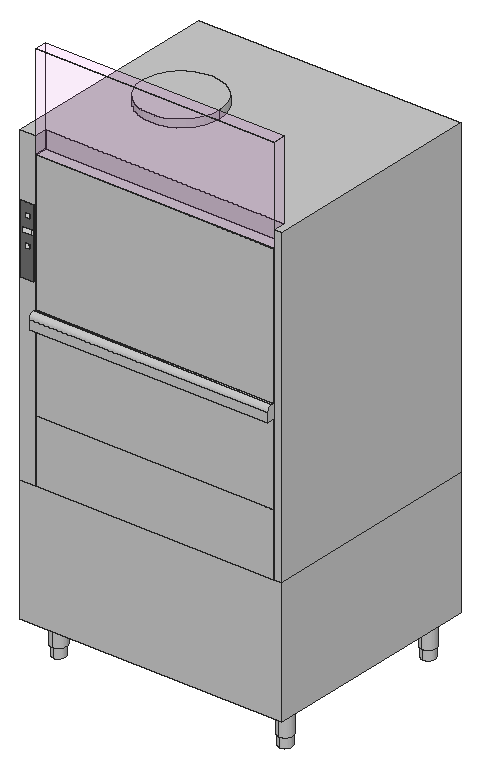
Revit family "QF_COMENDA_6G3160_6G3267_CAT", category Attrezzature speciali, Revit 2021
Family settings
  Quota connettore circolare = Usa diametro
  Tipo di parte = Normale
  Numero OmniClass = 23.40.40.14
  Titolo OmniClass = Food Service Equipment
  Basato su piano di lavoro = No
  Sempre verticale = Sì
  Taglio con vuoti quando caricato = No
  Condiviso = No
  Punto di calcolo locali = No
Parameters (values of type "6G3160")
  URL catalogo = "https://comenda.eu/wp-content/uploads/2024/02/Scheda-tecnica_G-EVO-805-R_15.02.2024_ITA.pdf"
  URL = "www.comenda.eu"
  Tensione = 400 V
  Temperatura raccomandata per acqua calda = 50 °C
  Show Logo [instance] = yes
  Show Clearance [instance] = yes
  Protezione contro le sovracorrenti = 16 A
  Prospetto di default = 0 mm
  Profondità = 900 mm
  Pressione minima acqua calda = 2000.0 Pa
  Potenza elettrica = 9000 W
  Peso netto = 230.00 kg
  Numero dei poli = 3
  Modello = "G-EVO 805 R RCD"
  Produttore = "COMENDA"
  Lunghezza = 1020 mm
  Frequenza = 50 Hz
  Fase = 3
  Diametro raccordo acqua calda = 3/4"
  Diametro dello scarico diretto di acqua = 1 3/8"
  Descrizione = "THREE-PHASE FRONT LOADING POTWASHER WITH RCD"
  Corrente di funzionamento normale = 13.7 A
  Assembly Code = ""
  Altezza dello scarico diretto acqua da pavimento finito = 145 mm
  Altezza da terra raccordo acqua calda = 175 mm
  Altezza allacciamento elettrico da pavimento finito = 135 mm
  Altezza = 1870 mm
Types (2, lengths in mm): name | Modello | Altezza
  6G3160 | "G-EVO 805 R RCD" | 1870
  6G3267 | "G-EVO 805H R RCD" | 2020
Reference planes
  plane 1 "Back": y = 0
  plane 2: z = 0
  plane 3 "Left": x = -30
  plane 4 "Right": x = 990
  plane 5 "Front": y = -900
  plane 6 "Top": z = 1870
Forms (mm)
  Revolve 1, solid
    sketch origin (50, -8.5, 0) x (0, 1, 0) y (0, 0, 1)
      loop
        line (-50, 135) -> (-80, 135) -> (-80, 0) -> (-55, 0) -> (-55, 40) -> (-50, 40) -> (-50, 135)
      axis (-80, 0) -> (-80, 135)
    angle from 0 to 360
  Revolve 2, solid
    sketch origin (50, -701.5, 0) x (0, 1, 0) y (0, 0, 1)
      loop
        line (-50, 135) -> (-80, 135) -> (-80, 0) -> (-55, 0) -> (-55, 40) -> (-50, 40) -> (-50, 135)
      axis (-80, 0) -> (-80, 135)
    angle from 0 to 360
  Revolve 3, solid
    sketch origin (935, -8.5, 0) x (0, 1, 0) y (0, 0, 1)
      loop
        line (-50, 135) -> (-80, 135) -> (-80, 0) -> (-55, 0) -> (-55, 40) -> (-50, 40) -> (-50, 135)
      axis (-80, 0) -> (-80, 135)
    angle from 0 to 360
  Revolve 4, solid
    sketch origin (935, -705, 0) x (0, 1, 0) y (0, 0, 1)
      loop
        line (-50, 135) -> (-80, 135) -> (-80, 0) -> (-55, 0) -> (-55, 40) -> (-50, 40) -> (-50, 135)
      axis (-80, 0) -> (-80, 135)
    angle from 0 to 360
  Extrusion 5, solid
    sketch origin (1.5, 0, 710) x (1, 0, 0) y (0, 1, 0)
      loop
        line (-31.5, 0) -> (-31.5, -870) -> (28.5, -870) -> (28.5, -820) -> (960, -820) -> (960, -870) -> (988.5, -870) -> (988.5, 0) -> (-31.5, 0)
    from -89.5 to 1131.5
  Extrusion 6, solid
    sketch origin (0, 0, -35) x (1, 0, 0) y (0, 1, 0)
      loop
        line (-30, 0) -> (-30, -870) -> (990, -870) -> (990, 0) -> (-30, 0)
    from 170 to 655
  Extrusion 7, solid
    sketch origin (50, 0, 1895) x (1, 0, 0) y (0, 1, 0)
      loop
        circle (200, -435) r 150
    from -53.5 to -25
  Extrusion 8, solid
    sketch origin (33.5, 0, 0) x (0, 1, 0) y (0, 0, 1)
      loop
        line (-900, 1180) -> (-870, 1180) -> (-870, 1235) -> (-880, 1235)
        arc (-880, 1235) -> (-894.142, 1229.142) -> (-900, 1215) r 20
        line (-900, 1215) -> (-900, 1180)
    from -2.5 to 926.5
  Extrusion 9, solid
    sketch origin (0, 0, 620) x (1, 0, 0) y (0, 1, 0)
      loop
        line (31, -870) -> (960, -870) -> (960, -820) -> (31, -820) -> (31, -870)
    from 0 to 244
  Extrusion 10, solid
    sketch origin (0, 0, 864) x (1, 0, 0) y (0, 1, 0)
      loop
        line (31, -870) -> (960, -870) -> (960, -820) -> (31, -820) -> (31, -870)
    from 1 to 371
  Extrusion 11, solid
    sketch origin (0, 0, 1319) x (1, 0, 0) y (0, 1, 0)
      loop
        line (31.5, -870) -> (960, -870) -> (960, -820) -> (31.5, -820) -> (31.5, -870)
    from -84 to 456
  Extrusion 12, solid, visible <- "Show Clearance", detail levels coarse
    sketch origin (30, 0, -175) x (0, -1, 0) y (0, 0, 1)
      loop
        line (870, 1039) -> (1178.969, 1039)
        arc (1178.969, 1039) -> (1088.664, 1258.596) -> (870, 1351.135) r 312.151
        line (870, 1351.135) -> (870, 1039)
    from 0 to -928.5
  Extrusion 13, solid
    sketch origin (-775, -868.2, 728.939) x (1, 0, 0) y (0, 0, 1)
      loop
        line (800, 871) -> (750, 871) -> (750, 601) -> (800, 601) -> (800, 871)
    from 0 to 2
  Extrusion 14, solid
    sketch origin (-1975.001, -868.4, 756.591) x (1, 0, 0) y (0, 0, 1)
      loop
        line (1993.501, 752.409) -> (1956.501, 752.409) -> (1956.501, 734.409) -> (1993.501, 734.409) -> (1993.501, 752.409)
      loop
        line (1983.001, 788.909) -> (1983.001, 804.909) -> (1967.001, 804.909) -> (1967.001, 788.909) -> (1983.001, 788.909)
      loop
        line (1983.001, 681.909) -> (1983.001, 697.909) -> (1967.001, 697.909) -> (1967.001, 681.909) -> (1983.001, 681.909)
    from 0 to 2
  Extrusion 15, solid
    sketch origin (962, -870, 710) x (0, 1, 0) y (0, 0, -1)
      loop
        line (0, -1065) -> (0, -1435) -> (50, -1435) -> (50, -1065) -> (0, -1065)
    from 1.5 to 930.5
  Extrusion 16, void
    sketch origin (935, -785, 0) x (1, 0, 0) y (0, 1, 0)
      loop
        circle (-175, 175) r 17.5
    from 0 to 145
  Extrusion 17, void
    sketch origin (935, -785, 0) x (1, 0, 0) y (0, 1, 0)
      loop
        circle (-895, 35) r 10
    from 0 to 175
  Extrusion 18, solid
    sketch origin (0, 0, 135) x (0, 1, 0) y (1, 0, 0)
      loop
        circle (-848, 905) r 4.85
    from 0 to 1
Cuts and joins
  Extrusion 16, Extrusion 17 cuts Extrusion 5
  Extrusion 16, Extrusion 17 cuts Extrusion 6
  joined: Extrusion 5, Extrusion 6
Lines and regions (mm)
  symbolic lines, style "200-EquipBorder-2D"
    curve 1: line (-30, 0, 0) -> (990, 0, 0)
    curve 2: line (-30, -870, 0) -> (-30, 0, 0)
    curve 3: line (990, -870, 0) -> (-30, -870, 0)
    curve 4: line (990, 0, 0) -> (990, -870, 0)
    curve 8: line (31, -870, 0) -> (31, -900, 0)
    curve 9: line (31, -900, 0) -> (958.5, -900, 0)
    curve 11: line (958.5, -900, 0) -> (958.5, -870, 0)
  symbolic lines, style "200-EquipInternal-2D"
    curve 5: circle (250, -435, 0) r 150 normal (0, 0, 1)
    curve 6: line (31, -870, 0) -> (31, -820, 0)
    curve 7: line (31, -820, 0) -> (960, -820, 0)
    curve 12: line (960, -820, 0) -> (960, -870, 0)
  symbolic lines, style "QF_Door-Drawer Clearances", visible <- "Show Clearance"
    curve 10: line (31, -870, 0) -> (31, -1178.969, 0)
    curve 13: line (960, -1178.969, 0) -> (960, -870, 0)
    curve 14: line (31, -1178.969, 0) -> (960, -1178.969, 0)
  symbolic lines, style "200-InsPoint-3D"
    curve 15: circle (-30, 0, 0) r 0.2 normal (0, 0, 1)
    curve 16: circle (990, 0, 0) r 0.2 normal (0, 0, 1)
    curve 17: circle (-30, -870, 0) r 0.2 normal (0, 0, 1)
    curve 18: circle (990, -870, 0) r 0.2 normal (0, 0, 1)
Dimensions and locks
  plane 3 "Left" to plane 4 "Right" = 1020 mm
  plane 5 "Front" to plane 1 "Back" = 900 mm
  "Altezza": plane 6 "Top" to level
  Extrusion 7 to cut or joined group of Extrusion 5, Extrusion 6, Extrusion 16, Extrusion 17 = 28.5 mm
  cut or joined group of Extrusion 5, Extrusion 6, Extrusion 16, Extrusion 17 to Extrusion 11 = 66.5 mm
  locked: Extrusion 15 sketch curve to Extrusion 7 at 275
  plane 6 "Top" to level = 1870 mm
  locked: Extrusion 10 to level at 865
  locked: cut or joined group of Extrusion 5, Extrusion 6, Extrusion 16, Extrusion 17 to level at 135
  locked: cut or joined group of Extrusion 5, Extrusion 6, Extrusion 16, Extrusion 17 to level at 620.5
  locked: plane 6 "Top" to Extrusion 7 at 28.5
  locked: plane 6 "Top" to Extrusion 11 at 635
  locked: cut or joined group of Extrusion 5, Extrusion 6, Extrusion 16, Extrusion 17 to Extrusion 11 at 66.5
  locked: Extrusion 14 to level at 1491
  locked: Extrusion 14 to Extrusion 13 at 108.561
  curve 13 to curve 12 = 0 mm
  Extrusion 12 to level = 864 mm
  aligned and locked: level to plane 2
  aligned and locked: plane 6 "Top" to Extrusion 7
  aligned and locked: Extrusion 8 sketch curve to Extrusion 10
  aligned and locked: Extrusion 15 sketch curve to Extrusion 11  (x2)
  aligned and locked: cut or joined group of Extrusion 5, Extrusion 6, Extrusion 16, Extrusion 17 to Extrusion 15 sketch curve
  aligned and locked: Extrusion 8 to Extrusion 10
  aligned and locked: Extrusion 10 to Extrusion 8
  aligned and locked: Extrusion 11 to Extrusion 8
  aligned and locked: Extrusion 7 to cut or joined group of Extrusion 5, Extrusion 6, Extrusion 16, Extrusion 17
  aligned and locked: Extrusion 15 to Extrusion 11
  aligned and locked: Extrusion 12 to curve 14
Automatic sketch dimensions
  Revolve 1 sketch curve to level = 0 mm
  plane 1 "Back" to Revolve 1 sketch curve = 88.5 mm
  Revolve 1 sketch curve to Revolve 1 sketch curve = 25 mm
  Revolve 1 sketch curve to Revolve 1 sketch curve = 5 mm
  level to Revolve 1 sketch curve = 40 mm
  Revolve 1 sketch curve to Revolve 1 sketch curve = 95 mm
  Revolve 1 sketch curve to Revolve 1 sketch curve = 0 mm
  Revolve 1 sketch curve to Revolve 1 sketch curve = 35 mm
  Revolve 1 sketch curve to Revolve 1 sketch curve = 50 mm
  Revolve 2 sketch curve to level = 0 mm
  plane 5 "Front" to Revolve 2 sketch curve = 118.5 mm
  Revolve 2 sketch curve to Revolve 2 sketch curve = 25 mm
  Revolve 2 sketch curve to Revolve 2 sketch curve = 5 mm
  level to Revolve 2 sketch curve = 40 mm
  Revolve 2 sketch curve to Revolve 2 sketch curve = 95 mm
  Revolve 2 sketch curve to Revolve 2 sketch curve = 0 mm
  Revolve 2 sketch curve to Revolve 2 sketch curve = 35 mm
  Revolve 2 sketch curve to Revolve 2 sketch curve = 50 mm
  Revolve 3 sketch curve to level = 0 mm
  plane 1 "Back" to Revolve 3 sketch curve = 88.5 mm
  Revolve 3 sketch curve to Revolve 3 sketch curve = 25 mm
  Revolve 3 sketch curve to Revolve 3 sketch curve = 5 mm
  level to Revolve 3 sketch curve = 40 mm
  Revolve 3 sketch curve to Revolve 3 sketch curve = 95 mm
  Revolve 3 sketch curve to Revolve 3 sketch curve = 0 mm
  Revolve 3 sketch curve to Revolve 3 sketch curve = 35 mm
  Revolve 3 sketch curve to Revolve 3 sketch curve = 50 mm
  Revolve 4 sketch curve to level = 0 mm
  plane 5 "Front" to Revolve 4 sketch curve = 115 mm
  Revolve 4 sketch curve to Revolve 4 sketch curve = 25 mm
  Revolve 4 sketch curve to Revolve 4 sketch curve = 5 mm
  level to Revolve 4 sketch curve = 40 mm
  Revolve 4 sketch curve to Revolve 4 sketch curve = 95 mm
  Revolve 4 sketch curve to Revolve 4 sketch curve = 0 mm
  Revolve 4 sketch curve to Revolve 4 sketch curve = 35 mm
  Revolve 4 sketch curve to Revolve 4 sketch curve = 50 mm
  Extrusion 6 sketch curve to plane 3 "Left" = 0 mm
  Extrusion 6 sketch curve to plane 4 "Right" = 0 mm
  plane 1 "Back" to Extrusion 6 sketch curve = 0 mm
  plane 5 "Front" to Extrusion 6 sketch curve = 30 mm
  plane 3 "Left" to Extrusion 7 sketch curve = 280 mm
  plane 1 "Back" to Extrusion 7 sketch curve = 435 mm
  Extrusion 8 sketch curve to plane 5 "Front" = 0 mm
  plane 5 "Front" to Extrusion 8 sketch curve = 20 mm
  plane 5 "Front" to Extrusion 8 sketch curve = 30 mm
  Extrusion 8 sketch curve to Extrusion 8 sketch curve = 35 mm
  plane 4 "Right" to Extrusion 13 sketch curve = 1015 mm
  plane 4 "Right" to Extrusion 13 sketch curve = 965 mm
  level to Extrusion 13 sketch curve = 1329.939 mm
  Extrusion 13 sketch curve to Extrusion 13 sketch curve = 270 mm
  plane 4 "Right" to Extrusion 14 sketch curve = 1008.5 mm
  Extrusion 14 sketch curve to Extrusion 14 sketch curve = 10.5 mm  (x2)
  Extrusion 14 sketch curve to Extrusion 14 sketch curve = 16 mm  (x4)
  Extrusion 14 sketch curve to Extrusion 14 sketch curve = 37 mm
  level to Extrusion 14 sketch curve = 1438.5 mm
  Extrusion 14 sketch curve to Extrusion 14 sketch curve = 36.5 mm  (x2)
  Extrusion 14 sketch curve to Extrusion 14 sketch curve = 18 mm
  Extrusion 6 to Extrusion 9 sketch curve = 0 mm
  Extrusion 9 sketch curve to Extrusion 6 = 61 mm
  Extrusion 9 sketch curve to Extrusion 6 = 30 mm
  Extrusion 9 sketch curve to Extrusion 9 sketch curve = 50 mm
  Extrusion 10 sketch curve to Extrusion 9 = 0 mm  (x3)
  Extrusion 9 to Extrusion 10 sketch curve = 0 mm
  plane 3 "Left" to Extrusion 11 sketch curve = 61.5 mm
  plane 4 "Right" to Extrusion 11 sketch curve = 30 mm
  plane 5 "Front" to Extrusion 11 sketch curve = 30 mm
  Extrusion 11 sketch curve to Extrusion 11 sketch curve = 50 mm
  Extrusion 12 sketch curve to Extrusion 8 = 0 mm
  Extrusion 8 to Extrusion 12 sketch curve = 3.182 mm
  Extrusion 8 to Extrusion 12 sketch curve = 278.969 mm
  Extrusion 8 to Extrusion 12 sketch curve = 316 mm
  plane 1 "Back" to Extrusion 5 sketch curve = 0 mm
  Extrusion 5 sketch curve to plane 3 "Left" = 0 mm
  plane 3 "Left" to Extrusion 5 sketch curve = 60 mm
  plane 4 "Right" to Extrusion 5 sketch curve = 28.5 mm
  plane 5 "Front" to Extrusion 5 sketch curve = 80 mm
  plane 5 "Front" to Extrusion 5 sketch curve = 30 mm  (x2)
  Extrusion 5 sketch curve to plane 4 "Right" = 0 mm
  Revolve 4 to Extrusion 16 sketch curve = 175 mm
  Revolve 4 to Extrusion 17 sketch curve = 895 mm
  Extrusion 6 to Extrusion 18 sketch curve = 22 mm
  Extrusion 6 to Extrusion 18 sketch curve = 935 mm
  curve 17 to plane 3 "Left" = 0 mm
  curve 2 to plane 3 "Left" = 0 mm
  plane 1 "Back" to curve 15 = 0 mm
  curve 15 to plane 3 "Left" = 0 mm
  curve 9 to plane 5 "Front" = 0 mm
  curve 4 to plane 4 "Right" = 0 mm
  plane 1 "Back" to curve 16 = 0 mm
  curve 16 to plane 4 "Right" = 0 mm
  curve 18 to plane 4 "Right" = 0 mm
  plane 1 "Back" to curve 4 = 0 mm
  plane 3 "Left" to curve 14 = 61 mm
  curve 6 to curve 10 = 0 mm
  curve 9 to curve 6 = 0 mm
  plane 3 "Left" to curve 5 = 280 mm
  plane 4 "Right" to curve 9 = 31.5 mm
  plane 4 "Right" to curve 14 = 30 mm
  plane 5 "Front" to curve 3 = 30 mm
  curve 18 to curve 3 = 0 mm
  curve 17 to curve 2 = 0 mm
  curve 12 to curve 12 = 50 mm
  plane 1 "Back" to curve 5 = 435 mm
  radius of Extrusion 7 sketch curve = 150 mm
  radius of Extrusion 16 sketch curve = 17.5 mm
  radius of Extrusion 17 sketch curve = 10 mm
  radius of Extrusion 18 sketch curve = 4.85 mm
  radius of curve 5 = 150 mm
  radius of curve 15 = 0.2 mm
  radius of curve 16 = 0.2 mm
  radius of curve 17 = 0.2 mm
  radius of curve 18 = 0.2 mm
Connectors
  piping at (760, -610, 145), diameter 35
    settings: on cut or joined group of Extrusion 5, Extrusion 6, Extrusion 16, Extrusion 17, index 1, connector inside diameter 24", connector length 0 mm, flow factor 0, pipe flow 0.0 L/s, pressure drop 0.0 Pa, fitting loss kfactor 0, connector angle 0.00°, fixture units 0, engagement length 0 mm, angle of deflection 0.00°, flow configuration 0, flow direction 0, fitting loss method 0, system type 19, joint type 0, gender type 0, connector reference index -1, connector utility 0, adjustable connector no, is connector primary yes, connector description ""
  piping at (760, -610, 145), diameter 34.925, driven by "Diametro dello scarico diretto di acqua"
    settings: on cut or joined group of Extrusion 5, Extrusion 6, Extrusion 16, Extrusion 17, index 2, connector inside diameter 24", connector length 0 mm, flow factor 0, pipe flow 0.0 L/s, pressure drop 0.0 Pa, fitting loss kfactor 0, connector angle 0.00°, fixture units 0, engagement length 0 mm, angle of deflection 0.00°, flow configuration 0, flow direction 2, fitting loss method 0, system type 16, joint type 0, gender type 0, connector reference index -1, connector utility 0, adjustable connector no, is connector primary no, connector description "QF_DRAIN_CONNECTION"
  piping at (40, -750, 175), diameter 19.05, driven by "Diametro raccordo acqua calda"
    settings: on cut or joined group of Extrusion 5, Extrusion 6, Extrusion 16, Extrusion 17, index 3, connector inside diameter 24", connector length 0 mm, flow factor 0, pipe flow 0.0 L/s, pressure drop 0.0 Pa, fitting loss kfactor 0, connector angle 0.00°, fixture units 0, engagement length 0 mm, angle of deflection 0.00°, flow configuration 0, flow direction 1, fitting loss method 0, system type 19, joint type 0, gender type 0, connector reference index -1, connector utility 0, adjustable connector no, is connector primary no, connector description "QF_WATER_CONNECTION"
  electrical at (905, -848, 135), driven by "Numero dei poli", driven by "Tensione", driven by "Potenza elettrica"
    settings: on Extrusion 18, index 4, voltage 400 V, apparent load 9000 VA, apparent load phase1 0 VA, apparent load phase2 0 VA, apparent load phase3 0 VA, power factor 1, load classification "Altro", number of poles 3, system type 30, power factor state 1, is connector primary yes, connector utility no, sub classification motor no, connector description "QF_ELECTRICAL_CONNCTION"
  hvac at (250, -435, 1870)
    settings: on Extrusion 7, index 5, duct flow 0.0 L/s, flow factor 0, pres drop 0.0 Pa, loss coef 0, conn angle 0.00°, conn width 304.8 mm, conn height 304.8 mm, conn diameter 300 mm, duct sys type 3, conn prof type 0, flow config 0, flow direction 2, loss method 0, conn ref index -1, conn util no, is conn primary yes, conn desc "QF_EXHAUST_AIR_CONNECTION"
